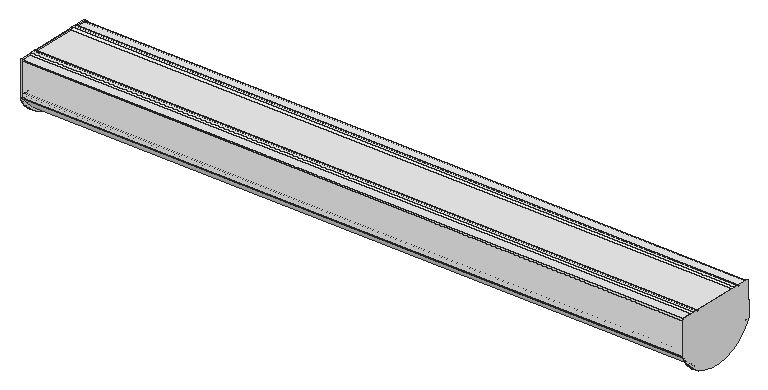
Revit family "LEL", category Lighting Fixtures, host Ceiling, Revit 2019
Family settings
  Host = Ceiling
  Round Connector Dimension = Use Diameter
  Part Type = Normal
  OmniClass Number = 23.80.70.11.14.11
  OmniClass Title = Downlights
  Always vertical = Yes
  Cut with Voids When Loaded = No
  Light Source = Yes
  Shared = No
  Room Calculation Point = No
Parameters (values of type "LEL48-LED840K082LUNV")
  Width = 0' - 5 69/128"
  Wattage = 64 W
  built-in parameter 1150110 = 1 (stored number, unit not read)
  Voltage = 120 V
  URL = "https://www.viscor.com/en/products/lel"
  built-in parameter 1114217 = 0.9 (stored number, unit not read)
  Tilt Angle = 90.00°
  built-in parameter 1150109 = 1 (stored number, unit not read)
  built-in parameter 1150134 = 12
  built-in parameter 1150113 = 1 (stored number, unit not read)
  Photometric Web File = "LEL48-LED840K082LUNV-G002186.IES"
  Model = "LEL"  # constant formula
  Manufacturer = "VISIONEERING by VISCOR"  # constant formula
  Lumens = 7936 lm
  built-in parameter 1150115 = 1 (stored number, unit not read)
  built-in parameter 1150105 = 631.53 (stored number, unit not read)
  built-in parameter 1150137 = (empty or 0)
  built-in parameter 1150139 = (empty or 0)
  Lens Finish = Acrylic - Viscor - Frosted Round
  Length = 3' - 9 23/256"
  Lamp Wattage = 64 VA
  built-in parameter 1150112 = 1 (stored number, unit not read)
  built-in parameter 1150114 = 1 (stored number, unit not read)
  Lamp = "LED"  # constant formula
  built-in parameter 1150132 = (empty or 0)
  built-in parameter 1150102 = (empty or 0)
  built-in parameter 1150138 = (empty or 0)
  built-in parameter 1150107 = 4000 (stored number, unit not read)
  built-in parameter 1150106 = 6.3153 (stored number, unit not read)
  Housing Finish = Metal - Viscor - White
  Emit from Line Length = Length  # 3' - 9 23/256"
  built-in parameter 1150104 = 11.52 (stored number, unit not read)
  Dimming Lamp Color Temperature Shift = <None>
  Description = "Premium-grade, LED Ellipse strip luminaire"  # constant formula
  Color Filter = 16777215
  built-in parameter 1114218 = 1 (stored number, unit not read)
  built-in parameter 1150133 = 10 (stored number, unit not read)
  Assembly Code = "D5020200"
  Apparent Load = Lamp Wattage  # 64 VA
Types (7): name | Wattage | Photometric Web File | Lumens | built-in parameter 1150105 | Length | Lamp Wattage | built-in parameter 1150106 | Emit from Line Length | built-in parameter 1150104 | Apparent Load
  (no name) | 64 W | "LEL48-LED840K082LUNV-G002186.IES" | 7936 lm | 631.53 (stored number, unit not read) | 3' - 9 23/256" | 64 VA | 6.3153 (stored number, unit not read) | 3' - 9 23/256" | 11.52 (stored number, unit not read) | 64 VA
  LEL24-LED840K020LUNV | 16 W | "LEL24-LED840K020LUNV-G002178.IES" | 2016 lm | 160.43 (stored number, unit not read) | 1' - 11 23/256" | 16 VA | 1.6043 (stored number, unit not read) | 1' - 11 23/256" | 11.706 (stored number, unit not read) | 16 VA
  LEL24-LED840K041LUNV | 32 W | "LEL24-LED840K041LUNV-G002175.IES" | 4064 lm | 323.4 (stored number, unit not read) | 1' - 11 23/256" | 32 VA | 3.234 (stored number, unit not read) | 1' - 11 23/256" | 11.799 (stored number, unit not read) | 32 VA
  LEL48-LED840K020LUNV | 15 W | "LEL48-LED840K020LUNV-G002197.IES" | 2040 lm | 162.34 (stored number, unit not read) | 3' - 9 23/256" | 15 VA | 1.6234 (stored number, unit not read) | 3' - 9 23/256" | 12.635 (stored number, unit not read) | 15 VA
  LEL48-LED840K041LUNV | 32 W | "LEL48-LED840K041LUNV-G002194.IES" | 4128 lm | 328.5 (stored number, unit not read) | 3' - 9 23/256" | 32 VA | 3.285 (stored number, unit not read) | 3' - 9 23/256" | 11.984 (stored number, unit not read) | 32 VA
  LEL48-LED840K053LUNV | 39 W | "LEL48-LED840K053LUNV-G003486.IES" | 5226 lm | 415.87 (stored number, unit not read) | 3' - 9 23/256" | 39 VA | 4.1587 (stored number, unit not read) | 3' - 9 23/256" | 12.449 (stored number, unit not read) | 39 VA
  LEL48-LED840K082LUNV | 64 W | "LEL48-LED840K082LUNV-G002186.IES" | 7936 lm | 631.53 (stored number, unit not read) | 3' - 9 23/256" | 64 VA | 6.3153 (stored number, unit not read) | 3' - 9 23/256" | 11.52 (stored number, unit not read) | 64 VA
Reference planes (in)
  plane 1 "Light Source Axis (F/B)": y = 0
  plane 2 "Ceiling": z = 96
  plane 3 "Light Source Axis (L/R)": x = 0
  plane 4 "Light Source Elevation": z = 91.875
  plane 5: y = 2.76953
  plane 6: y = -2.76953
  plane 7: x = -22.54492
  plane 8: x = 22.54492
  plane 9: x = -22.51367
  plane 10: x = 22.51367
  plane 11: x = -22.48242
  plane 12: x = 22.48242
Forms (in)
  Extrusion 1, solid, material "Metal - Viscor - White" <- "Housing Finish"
    sketch origin (0, 0, 0) x (0, 1, 0) y (0, 0, 1)
      loop
        arc (-2.65, 95.8875) -> (-2.69879, 95.86729) -> (-2.719, 95.8185) r 0.069
        line (-2.719, 95.8185) -> (-2.719, 93.5815)
        arc (-2.719, 93.5815) -> (-2.67916, 93.51896) -> (-2.60565, 93.52864) r 0.069
        line (-2.60565, 93.52864) -> (-2.45244, 93.6572) -> (-2.47253, 93.68114) -> (-2.62573, 93.55258)
        arc (-2.62573, 93.55258) -> (-2.66595, 93.54729) -> (-2.68775, 93.5815) r 0.03775
        line (-2.68775, 93.5815) -> (-2.68775, 95.8185)
        arc (-2.68775, 95.8185) -> (-2.67669, 95.84519) -> (-2.65, 95.85625) r 0.03775
        line (-2.65, 95.85625) -> (-1.99954, 95.85625) -> (-1.88954, 95.94925) -> (-1.61046, 95.94925) -> (-1.50046, 95.85625) -> (1.50046, 95.85625) -> (1.61046, 95.94925) -> (1.88954, 95.94925) -> (1.99954, 95.85625) -> (2.65, 95.85625)
        arc (2.65, 95.85625) -> (2.67669, 95.84519) -> (2.68775, 95.8185) r 0.03775
        line (2.68775, 95.8185) -> (2.68775, 93.5815)
        arc (2.68775, 93.5815) -> (2.66595, 93.54729) -> (2.62573, 93.55258) r 0.03775
        line (2.62573, 93.55258) -> (2.47253, 93.68114) -> (2.45244, 93.6572) -> (2.60565, 93.52864)
        arc (2.60565, 93.52864) -> (2.67916, 93.51896) -> (2.719, 93.5815) r 0.069
        line (2.719, 93.5815) -> (2.719, 95.8185)
        arc (2.719, 95.8185) -> (2.69879, 95.86729) -> (2.65, 95.8875) r 0.069
        line (2.65, 95.8875) -> (2.01098, 95.8875) -> (1.90098, 95.9805) -> (1.59902, 95.9805) -> (1.48902, 95.8875) -> (-1.48902, 95.8875) -> (-1.59902, 95.9805) -> (-1.90098, 95.9805) -> (-2.01098, 95.8875) -> (-2.65, 95.8875)
    from -22.51367 to 22.51367
  Extrusion 2, solid, material "Metal - Viscor - White" <- "Housing Finish"
    sketch origin (0, 0, 0) x (0, 1, 0) y (0, 0, 1)
      loop
        arc (-2.644, 95.9375) -> (-2.73239, 95.90089) -> (-2.769, 95.8125) r 0.125
        line (-2.769, 95.8125) -> (-2.769, 93.59153)
        arc (-2.769, 93.59153) -> (-2.76084, 93.52819) -> (-2.73691, 93.46898) r 0.25
        arc (-2.73691, 93.46898) -> (0, 91.86812) -> (2.73691, 93.46898) r 3.14
        arc (2.73691, 93.46898) -> (2.76084, 93.52819) -> (2.769, 93.59153) r 0.25
        line (2.769, 93.59153) -> (2.769, 95.8125)
        arc (2.769, 95.8125) -> (2.73239, 95.90089) -> (2.644, 95.9375) r 0.125
        line (2.644, 95.9375) -> (-2.644, 95.9375)
    from 22.51367 to 22.54492
  Extrusion 3, solid, material "Metal - Viscor - White" <- "Housing Finish"
    sketch origin (0, 0, 0) x (0, 1, 0) y (0, 0, -1)
      loop
        line (-2.644, -95.9375) -> (2.644, -95.9375)
        arc (2.644, -95.9375) -> (2.73239, -95.90089) -> (2.769, -95.8125) r 0.125
        line (2.769, -95.8125) -> (2.769, -93.59153)
        arc (2.769, -93.59153) -> (2.76084, -93.52819) -> (2.73691, -93.46898) r 0.25
        arc (2.73691, -93.46898) -> (0, -91.86812) -> (-2.73691, -93.46898) r 3.14
        arc (-2.73691, -93.46898) -> (-2.76084, -93.52819) -> (-2.769, -93.59153) r 0.25
        line (-2.769, -93.59153) -> (-2.769, -95.8125)
        arc (-2.769, -95.8125) -> (-2.73239, -95.90089) -> (-2.644, -95.9375) r 0.125
    from 22.51367 to 22.54492
  Extrusion 4, solid, material "Metal - Viscor - White" <- "Housing Finish"
    sketch origin (0, 0, 0) x (0, 1, 0) y (0, 0, 1)
      loop
        line (2.405, 93.93526) -> (2.405, 94.1371) -> (2.37375, 94.1371) -> (2.37375, 93.93526)
        arc (2.37375, 93.93526) -> (2.35976, 93.90592) -> (2.32815, 93.89833) r 0.03775
        line (2.32815, 93.89833) -> (0.75013, 94.23375) -> (-0.75013, 94.23375) -> (-2.32815, 93.89833)
        arc (-2.32815, 93.89833) -> (-2.35976, 93.90592) -> (-2.37375, 93.93526) r 0.03775
        line (-2.37375, 93.93526) -> (-2.37375, 94.1371) -> (-2.405, 94.1371) -> (-2.405, 93.93526)
        arc (-2.405, 93.93526) -> (-2.37942, 93.88163) -> (-2.32165, 93.86776) r 0.069
        line (-2.32165, 93.86776) -> (-0.74685, 94.2025) -> (0.74685, 94.2025) -> (2.32165, 93.86776)
        arc (2.32165, 93.86776) -> (2.37942, 93.88163) -> (2.405, 93.93526) r 0.069
    from -22.48242 to 22.48242
  Extrusion 5, solid, material "Acrylic - Viscor - Frosted Round" <- "Lens Finish"
    sketch origin (0, 0, 0) x (0, 1, 0) y (0, 0, 1)
      loop
        arc (2.57826, 93.45047) -> (2.58665, 93.49556) -> (2.56319, 93.53496) r 0.065
        line (2.56319, 93.53496) -> (2.49047, 93.59294)
        arc (2.49047, 93.59294) -> (2.46673, 93.65345) -> (2.50725, 93.70427) r 0.065
        line (2.50725, 93.70427) -> (2.71007, 93.78387) -> (2.68815, 93.83972) -> (2.48533, 93.76012)
        arc (2.48533, 93.76012) -> (2.4074, 93.66239) -> (2.45307, 93.54603) r 0.125
        line (2.45307, 93.54603) -> (2.52921, 93.48531)
        arc (2.52921, 93.48531) -> (0, 92.05749) -> (-2.52921, 93.48531) r 2.95401
        line (-2.52921, 93.48531) -> (-2.45307, 93.54603)
        arc (-2.45307, 93.54603) -> (-2.4074, 93.66239) -> (-2.48533, 93.76012) r 0.125
        line (-2.48533, 93.76012) -> (-2.68815, 93.83972) -> (-2.71007, 93.78387) -> (-2.50725, 93.70427)
        arc (-2.50725, 93.70427) -> (-2.46673, 93.65345) -> (-2.49047, 93.59294) r 0.065
        line (-2.49047, 93.59294) -> (-2.56319, 93.53496)
        arc (-2.56319, 93.53496) -> (-2.58665, 93.49556) -> (-2.57826, 93.45047) r 0.065
        arc (-2.57826, 93.45047) -> (0, 91.99749) -> (2.57826, 93.45047) r 3.01401
    from -22.51367 to 22.51367
Dimensions and locks (in)
  equal spacing: host sketch curve, plane 3 "Light Source Axis (L/R)", host sketch curve
  equal spacing: host sketch curve, plane 1 "Light Source Axis (F/B)", host sketch curve
  host sketch curve to host sketch curve = 10' - 0"  (x2)
  equal spacing: plane 5, plane 1 "Light Source Axis (F/B)", plane 6
  "Width": plane 5 to plane 6
  equal spacing: plane 7, plane 3 "Light Source Axis (L/R)", plane 8
  "Length": plane 7 to plane 8
  plane 7 to plane 9 to plane 3 "Light Source Axis (L/R)" = 0' - 0 1/32" locked, 1' - 10.51367"
  locked: plane 10 to plane 8 at 0.03125
  locked: plane 11 to plane 9 at 0.03125
  locked: plane 12 to plane 10 at 0.03125
  aligned and locked: plane 3 "Light Source Axis (L/R)" to imposter light
  aligned and locked: plane 1 "Light Source Axis (F/B)" to imposter light
  aligned and locked: plane 4 "Light Source Elevation" to imposter light
  aligned and locked: Extrusion 1 to plane 9
  aligned and locked: plane 10 to Extrusion 1
  aligned and locked: plane 8 to Extrusion 2
  aligned and locked: Extrusion 2 to plane 10
  aligned and locked: Extrusion 3 to plane 7
  aligned and locked: plane 9 to Extrusion 3
  aligned and locked: Extrusion 4 to plane 11
  aligned and locked: plane 12 to Extrusion 4
  aligned and locked: Extrusion 5 to plane 9
  aligned and locked: plane 10 to Extrusion 5
Automatic sketch dimensions
  Extrusion 1 sketch curve to Extrusion 1 sketch curve = 0' - 0"  (x8)
  plane 6 to Extrusion 1 sketch curve = 0' - 0.05053"
  Extrusion 1 sketch curve to Extrusion 1 sketch curve = 0' - 0 1/32"  (x3)
  Extrusion 1 sketch curve to Extrusion 1 sketch curve = 0' - 0.03775"  (x3)
  Extrusion 1 sketch curve to Extrusion 1 sketch curve = 0' - 0.02427"  (x2)
  Extrusion 1 sketch curve to Extrusion 1 sketch curve = 0' - 0.02009"  (x4)
  Extrusion 1 sketch curve to Extrusion 1 sketch curve = 0' - 0.15321"
  Extrusion 1 sketch curve to plane 2 "Ceiling" = 0' - 0.1125"  (x2)
  Extrusion 1 sketch curve to Extrusion 1 sketch curve = 0' - 0.63902"
  Extrusion 1 sketch curve to Extrusion 1 sketch curve = 0' - 0.01144"  (x8)
  Extrusion 1 sketch curve to plane 2 "Ceiling" = 0' - 0.0195"  (x2)
  Extrusion 1 sketch curve to Extrusion 1 sketch curve = 0' - 0.11"  (x4)
  Extrusion 1 sketch curve to plane 2 "Ceiling" = 0' - 0.05075"  (x2)
  Extrusion 1 sketch curve to Extrusion 1 sketch curve = 0' - 0.27908"  (x2)
  Extrusion 1 sketch curve to plane 5 = 0' - 1.28051"
  Extrusion 1 sketch curve to plane 5 = 0' - 0.31709"
  Extrusion 1 sketch curve to plane 5 = 0' - 0.16388"
  Extrusion 1 sketch curve to plane 5 = 0' - 0.11953"
  Extrusion 1 sketch curve to plane 4 "Light Source Elevation" = 0' - 1.80614"  (x2)
  Extrusion 1 sketch curve to plane 2 "Ceiling" = 0' - 0.1815"
  Extrusion 2 sketch curve to plane 1 "Light Source Axis (F/B)" = 0' - 0"
  plane 6 to Extrusion 2 sketch curve = 0' - 0.25053"
  Extrusion 2 sketch curve to plane 2 "Ceiling" = 0' - 0 1/16"
  plane 6 to Extrusion 2 sketch curve = 0' - 0.12553"
  plane 6 to Extrusion 2 sketch curve = 0' - 0.00053"
  Extrusion 2 sketch curve to plane 5 = 0' - 0.25053"
  Extrusion 2 sketch curve to plane 5 = 0' - 0.12553"
  Extrusion 2 sketch curve to plane 5 = 0' - 0.00053"
  Extrusion 2 sketch curve to plane 2 "Ceiling" = 0' - 0.99188"
  Extrusion 2 sketch curve to plane 4 "Light Source Elevation" = 0' - 1.71653"  (x2)
  Extrusion 2 sketch curve to Extrusion 2 sketch curve = 0' - 0"
  Extrusion 3 sketch curve to plane 1 "Light Source Axis (F/B)" = 0' - 0"
  plane 6 to Extrusion 3 sketch curve = 0' - 0.25053"
  Extrusion 3 sketch curve to plane 2 "Ceiling" = 0' - 0 1/16"
  plane 6 to Extrusion 3 sketch curve = 0' - 0.12553"
  plane 6 to Extrusion 3 sketch curve = 0' - 0.00053"
  Extrusion 3 sketch curve to plane 5 = 0' - 0.25053"
  Extrusion 3 sketch curve to plane 5 = 0' - 0.12553"
  Extrusion 3 sketch curve to plane 5 = 0' - 0.00053"
  Extrusion 3 sketch curve to plane 2 "Ceiling" = 0' - 0.99188"
  Extrusion 3 sketch curve to plane 4 "Light Source Elevation" = 0' - 1.71653"  (x2)
  Extrusion 3 sketch curve to Extrusion 3 sketch curve = 0' - 0"
  Extrusion 4 sketch curve to Extrusion 4 sketch curve = 0' - 0"  (x4)
  plane 6 to Extrusion 4 sketch curve = 0' - 0.36453"
  Extrusion 4 sketch curve to Extrusion 4 sketch curve = 0' - 0 1/32"  (x3)
  Extrusion 4 sketch curve to Extrusion 4 sketch curve = 0' - 0.03775"  (x2)
  Extrusion 4 sketch curve to Extrusion 4 sketch curve = 0' - 0.00785"  (x2)
  Extrusion 4 sketch curve to Extrusion 4 sketch curve = 0' - 0.0065"  (x2)
  plane 1 "Light Source Axis (F/B)" to Extrusion 4 sketch curve = 0' - 0.75013"
  Extrusion 4 sketch curve to Extrusion 4 sketch curve = 0' - 0.00328"  (x2)
  Extrusion 4 sketch curve to plane 1 "Light Source Axis (F/B)" = 0' - 0.74685"
  Extrusion 4 sketch curve to plane 5 = 0' - 0.44788"
  Extrusion 4 sketch curve to plane 4 "Light Source Elevation" = 0' - 1.99276"  (x2)
  Extrusion 4 sketch curve to Extrusion 4 sketch curve = 0' - 0.20184"  (x2)
  Extrusion 4 sketch curve to Extrusion 4 sketch curve = 0' - 0.33474"
  Extrusion 5 sketch curve to Extrusion 5 sketch curve = 0' - 0"  (x7)
  Extrusion 5 sketch curve to plane 1 "Light Source Axis (F/B)" = 0' - 0"
  plane 6 to Extrusion 5 sketch curve = 0' - 0.31647"
  Extrusion 5 sketch curve to Extrusion 5 sketch curve = 0' - 0.03226"  (x2)
  Extrusion 5 sketch curve to Extrusion 5 sketch curve = 0' - 0.03741"  (x2)
  Extrusion 5 sketch curve to Extrusion 5 sketch curve = 0' - 0.02192"  (x2)
  Extrusion 5 sketch curve to Extrusion 5 sketch curve = 0' - 0.06959"  (x2)
  Extrusion 5 sketch curve to Extrusion 5 sketch curve = 0' - 0.00655"  (x2)
  Extrusion 5 sketch curve to Extrusion 5 sketch curve = 0' - 0.04053"  (x2)
  Extrusion 5 sketch curve to Extrusion 5 sketch curve = 0' - 0.03398"  (x2)
  plane 6 to Extrusion 5 sketch curve = 0' - 0.08138"
  plane 6 to Extrusion 5 sketch curve = 0' - 0.05946"
  Extrusion 5 sketch curve to plane 4 "Light Source Elevation" = 0' - 1.60914"  (x2)
  Extrusion 5 sketch curve to Extrusion 5 sketch curve = 0' - 0.00117"
  Extrusion 5 sketch curve to Extrusion 5 sketch curve = 0' - 0.04965"  (x2)
  Extrusion 5 sketch curve to Extrusion 5 sketch curve = 0' - 0.06189"  (x2)
  Extrusion 5 sketch curve to Extrusion 5 sketch curve = 0' - 0.04691"  (x2)
  Extrusion 5 sketch curve to Extrusion 5 sketch curve = 0' - 0.05082"  (x2)
  Extrusion 5 sketch curve to plane 2 "Ceiling" = 0' - 0.9885"
  Extrusion 5 sketch curve to plane 5 = 0' - 0.05946"
  Extrusion 5 sketch curve to Extrusion 5 sketch curve = 0' - 0.07961"
  Extrusion 5 sketch curve to Extrusion 5 sketch curve = 0' - 0.05585"
Connectors (in)
  electrical at (0, 0, 91.875), driven by "Voltage", driven by "Apparent Load"
    settings: index 1, voltage 120 V, apparent load 0 VA, apparent load phase1 64 VA, apparent load phase2 0 VA, apparent load phase3 0 VA, power factor 1, load classification "Other", number of poles 1, system type 31, power factor state 1, is connector primary yes, connector utility no, sub classification motor no, connector description ""
